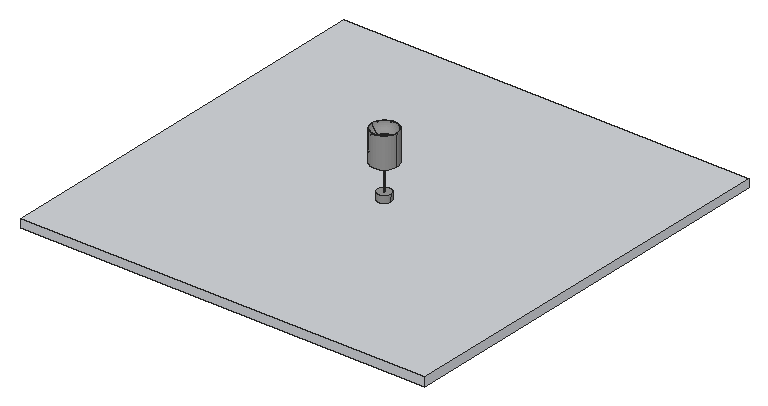
Revit family "LAMP_KOMBIC 150 SURFACE 3000 CRI80 OPAL DALI", category Luminarias, Revit 2018
Family settings
  Anfitrión = Cara
  Cota de conector redondo = Diámetro de uso
  Tipo de pieza = Normal
  Corte con vacíos al cargar = No
  Origen de luz = Sí
  Compartido = No
  Punto de cálculo de habitación = No
Parameters (values of type "2010LM 3000K  M/B")
  Ángulo de inclinación = -90.00°
  Weight = 1.478 kg
  UGR = ""
  Type = "COB PHILIPS"
  Protection rating = "IP40"
  Product datasheet = "http://www.lamp.es/product-files/TECH/K21SF3040OP830DMB-EN.pdf"
  Product code = "K21SF3040OP830DMB"
  Product URL = "https://www.lamp.es/en/family/kombic-surface_474354"
  Power Supply = "220-240V 50/60Hz"
  Power = 17.6 W
  Plum = 19.8 W
  Modelo = Product code  # "K21SF3040OP830DMB"
  Model explanation = "Possibility of chossing between surface or suspended within the model"
  Material reflector = LAMP_PC Reflector Kombic Metalizado Mate
  Material floron = LAMP_Plástico genérico NG
  Material difusor = LAMP_PMMA Difusor Kombic
  Material cuerpo = LAMP_Plástico genérico NG
  Material cable suspension = LAMP_Acero genérico
  Manufacturer name = "LAMP"
  Manufacturer country = "Spain"
  Manufacturer URL = "http://www.lamp.es/en"
  MacAdam = "3"
  Luminaire type = "Suspended"
  Last update = "02/09/2021"
  Lamp = "COB LED"
  LED Lifetime = "50.000 L80 B10"
  Insulation class = "II"
  Installation instructions = "https://www.lamp.es/product-files/packed/by-family/474354_INS_all.zip"
  IEE = "A+"
  Height suspension [instance] = 200 mm
  Height distance [instance] = if(Surface, 0.1 mm, if(Ceiling rose, if(Height suspension > 38 mm, if(Height suspension < 2000 mm, Height suspension, 2000 mm), 38 mm), 37 mm))  # 200 mm
  Wattage = 19.8 W
  built-in parameter 1150107 = 3000 (stored number, unit not read)
  Surface [instance] = no
  built-in parameter 1150110 = 1 (stored number, unit not read)
  built-in parameter 1150109 = 1 (stored number, unit not read)
  built-in parameter 1150112 = 1 (stored number, unit not read)
  built-in parameter 1150113 = 1 (stored number, unit not read)
  built-in parameter 1114218 = 1 (stored number, unit not read)
  built-in parameter 1150137 = (empty or 0)
  built-in parameter 1150132 = 2
  built-in parameter 1150105 = 1989.3 (stored number, unit not read)
  built-in parameter 1150102 = (empty or 0)
  built-in parameter 1150106 = 19.893 (stored number, unit not read)
  Height = 180 mm
  Gear = "Adjustable DALI"
  Lumens = 2009.7 lm
  Finish = "Matte black RAL 9011"
  Color Filter = 16777215
  built-in parameter 1114217 = 1 (stored number, unit not read)
  built-in parameter 1150139 = (empty or 0)
  Fabricante = Manufacturer name  # "LAMP"
  Default Elevation = 1219.2 mm
  built-in parameter 1150104 = 9.4297 (stored number, unit not read)
  Efficacy = 101.5 lm/W
  Diameter = 150 mm
  built-in parameter 1150115 = 1 (stored number, unit not read)
  built-in parameter 1150114 = 1 (stored number, unit not read)
  built-in parameter 1150138 = (empty or 0)
  built-in parameter 1150134 = (empty or 0)
  Ceiling rose [instance] = not(Surface)  # yes
  Dimming Lamp Color Temperature Shift = (empty or 0)
  CRI = "80"
  Archivo de red fotométrica = "K21SF3040OP830NMB.IES"
  built-in parameter 1150133 = 10 (stored number, unit not read)
Types (12, lengths in mm): name | Product datasheet | Product code | Modelo | Material reflector | Material floron | Material cuerpo | Wattage | built-in parameter 1150107 | built-in parameter 1150105 | built-in parameter 1150106 | Lumens | Finish | built-in parameter 1150104 | Efficacy | built-in parameter 1150134 | Archivo de red fotométrica
  2010LM 3000K  M/B | "http://www.lamp.es/product-files/TECH/K21SF3040OP830DMB-EN.pdf" | "K21SF3040OP830DMB" | "K21SF3040OP830DMB" | LAMP_PC Reflector Kombic Metalizado Mate | LAMP_Plástico genérico NG | LAMP_Plástico genérico NG | 19.8 W | 3000 (stored number, unit not read) | 1989.3 (stored number, unit not read) | 19.893 (stored number, unit not read) | 2009.7 lm | "Matte black RAL 9011" | 9.4297 (stored number, unit not read) | 101.5 lm/W | (empty or 0) | "K21SF3040OP830NMB.IES"
  2010LM 3000K  M/W | "http://www.lamp.es/product-files/TECH/K21SF3040OP830DMW-EN.pdf" | "K21SF3040OP830DMW" | "K21SF3040OP830DMW" | LAMP_PC Reflector Kombic Metalizado Mate | LAMP_Plástico genérico BL | LAMP_Plástico genérico BL | 19.8 W | 3000 (stored number, unit not read) | 1989.3 (stored number, unit not read) | 19.893 (stored number, unit not read) | 2009.7 lm | "Matte white RAL 9010" | 9.4297 (stored number, unit not read) | 101.5 lm/W | (empty or 0) | "K21SF3040OP830NMW.IES"
  2074LM 3000K  W/B | "http://www.lamp.es/product-files/TECH/K21SF3040OP830DWB-EN.pdf" | "K21SF3040OP830DWB" | "K21SF3040OP830DWB" | LAMP_PC Reflector Kombic Blanco | LAMP_Plástico genérico NG | LAMP_Plástico genérico NG | 19.8 W | 3000 (stored number, unit not read) | 2052.1 (stored number, unit not read) | 20.521 (stored number, unit not read) | 2073.06 lm | "Matte black RAL 9011" | 9.7269 (stored number, unit not read) | 104.7 lm/W | (empty or 0) | "K21SF3040OP830NWB.IES"
  2074LM 3000K  W/W | "http://www.lamp.es/product-files/TECH/K21SF3040OP830DWW-EN.pdf" | "K21SF3040OP830DWW" | "K21SF3040OP830DWW" | LAMP_PC Reflector Kombic Blanco | LAMP_Plástico genérico BL | LAMP_Plástico genérico BL | 18.9 W | 3000 (stored number, unit not read) | 1958.8 (stored number, unit not read) | 19.588 (stored number, unit not read) | 1978.83 lm | "Matte white RAL 9010" | 9.7269 (stored number, unit not read) | 104.7 lm/W | (empty or 0) | "K21SF3040OP830NWW.IES"
  2094LM 4000K  M/B | "http://www.lamp.es/product-files/TECH/K21SF3040OP840DMB-EN.pdf" | "K21SF3040OP840DMB" | "K21SF3040OP840DMB" | LAMP_PC Reflector Kombic Metalizado Mate | LAMP_Plástico genérico NG | LAMP_Plástico genérico NG | 19.8 W | 4000 (stored number, unit not read) | 2073.6 (stored number, unit not read) | 20.736 (stored number, unit not read) | 2094.84 lm | "Matte black RAL 9011" | 9.8291 (stored number, unit not read) | 105.8 lm/W | 12 | "K21SF3040OP840NMB.IES"
  2094LM 4000K  M/W | "http://www.lamp.es/product-files/TECH/K21SF3040OP840DMW-EN.pdf" | "K21SF3040OP840DMW" | "K21SF3040OP840DMW" | LAMP_PC Reflector Kombic Metalizado Mate | LAMP_Plástico genérico BL | LAMP_Plástico genérico BL | 19.8 W | 4000 (stored number, unit not read) | 2073.6 (stored number, unit not read) | 20.736 (stored number, unit not read) | 2094.84 lm | "Matte white RAL 9010" | 9.8291 (stored number, unit not read) | 105.8 lm/W | 12 | "K21SF3040OP840NMW.IES"
  2096LM 3000K  BR/B | "http://www.lamp.es/product-files/TECH/K21SF3040OP830DRB-EN.pdf" | "K21SF3040OP830DRB" | "K21SF3040OP830DRB" | LAMP_PC Reflector Kombic Metalizado Brillante | LAMP_Plástico genérico NG | LAMP_Plástico genérico NG | 19.8 W | 3000 (stored number, unit not read) | 2075.6 (stored number, unit not read) | 20.756 (stored number, unit not read) | 2096.82 lm | "Matte black RAL 9011" | 9.8384 (stored number, unit not read) | 105.9 lm/W | (empty or 0) | "K21SF3040OP830NRB.IES"
  2096LM 3000K  BR/W | "http://www.lamp.es/product-files/TECH/K21SF3040OP830DRW-EN.pdf" | "K21SF3040OP830DRW" | "K21SF3040OP830DRW" | LAMP_PC Reflector Kombic Metalizado Brillante | LAMP_Plástico genérico BL | LAMP_Plástico genérico BL | 19.8 W | 3000 (stored number, unit not read) | 2075.6 (stored number, unit not read) | 20.756 (stored number, unit not read) | 2096.82 lm | "Matte white RAL 9010" | 9.8384 (stored number, unit not read) | 105.9 lm/W | (empty or 0) | "K21SF3040OP830NRW.IES"
  2161LM 4000K  W/B | "http://www.lamp.es/product-files/TECH/K21SF3040OP840DWB-EN.pdf" | "K21SF3040OP840DWB" | "K21SF3040OP840DWB" | LAMP_PC Reflector Kombic Blanco | LAMP_Plástico genérico NG | LAMP_Plástico genérico NG | 19.8 W | 4000 (stored number, unit not read) | 2138.3 (stored number, unit not read) | 21.383 (stored number, unit not read) | 2160.18 lm | "Matte black RAL 9011" | 10.136 (stored number, unit not read) | 109.1 lm/W | 12 | "K21SF3040OP840NWB.IES"
  2161LM 4000K  W/W | "http://www.lamp.es/product-files/TECH/K21SF3040OP840DWW-EN.pdf" | "K21SF3040OP840DWW" | "K21SF3040OP840DWW" | LAMP_PC Reflector Kombic Blanco | LAMP_Plástico genérico BL | LAMP_Plástico genérico BL | 19.8 W | 4000 (stored number, unit not read) | 2138.3 (stored number, unit not read) | 21.383 (stored number, unit not read) | 2160.18 lm | "Matte white RAL 9010" | 10.136 (stored number, unit not read) | 109.1 lm/W | 12 | "K21SF3040OP840NWW.IES"
  2184LM 4000K  BR/B | "http://www.lamp.es/product-files/TECH/K21SF3040OP840DRB-EN.pdf" | "K21SF3040OP840DRB" | "K21SF3040OP840DRB" | LAMP_PC Reflector Kombic Metalizado Brillante | LAMP_Plástico genérico NG | LAMP_Plástico genérico NG | 19.8 W | 4000 (stored number, unit not read) | 2161.8 (stored number, unit not read) | 21.618 (stored number, unit not read) | 2183.94 lm | "Matte black RAL 9011" | 10.247 (stored number, unit not read) | 110.3 lm/W | 12 | "K21SF3040OP840NRB.IES"
  2184LM 4000K  BR/W | "http://www.lamp.es/product-files/TECH/K21SF3040OP840DRW-EN.pdf" | "K21SF3040OP840DRW" | "K21SF3040OP840DRW" | LAMP_PC Reflector Kombic Metalizado Brillante | LAMP_Plástico genérico BL | LAMP_Plástico genérico BL | 19.8 W | 4000 (stored number, unit not read) | 2161.8 (stored number, unit not read) | 21.618 (stored number, unit not read) | 2183.94 lm | "Matte white RAL 9010" | 10.247 (stored number, unit not read) | 110.3 lm/W | 12 | "K21SF3040OP840NRW.IES"
Reference planes
  plane 1 "Centro (Frontal/Posterior)": y = 0
  plane 2: z = 0
  plane 3 "Centro (Izquierda/Derecha)": x = 0
Forms (mm)
  Extrusion 1, solid
    sketch origin (0, 0, 0) x (1, 0, 0) y (0, 1, 0)
      loop
        line (-1219.2, 1219.2) -> (-1219.2, -1219.2) -> (1219.2, -1219.2) -> (1219.2, 1219.2) -> (-1219.2, 1219.2)
    from 0 to -50
  Extrusion 2, solid, material "LAMP_Plástico genérico NG" <- "Material cuerpo"
    sketch origin (0, 0, 0) x (1, 0, 0) y (0, 1, 0)
      loop
        circle (0, 0) r 77.5
    from 200 to 380
  Extrusion 3, void
    sketch origin (0, 0, 0) x (1, 0, 0) y (0, 1, 0)
      loop
        circle (0, 0) r 76.5
    from 270.588 to 380
  Sweep 4, solid, material "LAMP_PC Reflector Kombic Metalizado Mate" <- "Material reflector"
    path origin (105.103, -251.845, 380) x (1, 0, 0) y (0, 1, 0)
      loop
        circle (-105.103, 251.959) r 48
    profile origin (0, 48.114, 380) x (0, -1, 0) y (0, 0, 1)
      loop
        arc (-28.386, 0) -> (-15.5, -31.664) -> (14.364, -48.3) r 51.542
        line (14.364, -48.3) -> (14.364, -47.3)
        arc (14.364, -47.3) -> (-14.949, -31.098) -> (-27.386, 0) r 49.836
        line (-27.386, 0) -> (-28.386, 0)
  Extrusion 5, solid, material "LAMP_PMMA Difusor Kombic" <- "Material difusor"
    sketch origin (0, 0, 0) x (1, 0, 0) y (0, 1, 0)
      loop
        circle (0, 0) r 33.636
    from 331.7 to 332.7
  Extrusion 6, solid, material "LAMP_Plástico genérico NG" <- "Material floron", visible <- "Ceiling rose"
    sketch origin (0, 0, 0) x (1, 0, 0) y (0, 1, 0)
      loop
        circle (0, 0) r 42
    from 0 to 37
  Extrusion 7, solid, material "LAMP_Acero genérico" <- "Material cable suspension", visible <- "Ceiling rose"
    sketch origin (0, 0, 0) x (1, 0, 0) y (0, 1, 0)
      loop
        circle (0, 0) r 1
    from 37 to 200
Cuts and joins
  Extrusion 3 cuts Extrusion 2
Text (mm)
  text "Any modification of the parameters and properties of the LAMP BIM models must be executed and validated by the LAMP technical department.\nPhone: +34 93 736 68 00\nE-mail: lamp@lamp.es\n\nLAMP reserves the right to modify the technical specifications of its products." at (1856.491, -4316.333, -2622.127), in view "Preview"
Dimensions and locks
  "Height distance": Extrusion 2 to Extrusion 1
  locked: Extrusion 2 to Extrusion 2 at 180
  locked: cut or joined group of Extrusion 2, Extrusion 3 to cut or joined group of Extrusion 2, Extrusion 3 at 109.412
  aligned and locked: plane 2 to Extrusion 1
  aligned and locked: level to Extrusion 1
  aligned and locked: Extrusion 2 to Extrusion 3
  aligned and locked: Extrusion 7 to Extrusion 6
  aligned and locked: Extrusion 7 to cut or joined group of Extrusion 2, Extrusion 3
  aligned and locked: imposter light to cut or joined group of Extrusion 2, Extrusion 3
  aligned and locked: Extrusion 5 to Sweep 4  (x2)
Automatic sketch dimensions
  Extrusion 1 sketch curve to Extrusion 1 sketch curve = 2438.4 mm  (x2)
  plane 1 "Centro (Frontal/Posterior)" to Extrusion 2 sketch curve = 0 mm
  Extrusion 2 sketch curve to plane 3 "Centro (Izquierda/Derecha)" = 0 mm
  plane 1 "Centro (Frontal/Posterior)" to Extrusion 3 sketch curve = 0 mm
  Extrusion 3 sketch curve to plane 3 "Centro (Izquierda/Derecha)" = 0 mm
  plane 1 "Centro (Frontal/Posterior)" to Extrusion 6 sketch curve = 0 mm
  Extrusion 6 sketch curve to plane 3 "Centro (Izquierda/Derecha)" = 0 mm
  plane 1 "Centro (Frontal/Posterior)" to Extrusion 7 sketch curve = 0 mm
  Extrusion 7 sketch curve to plane 3 "Centro (Izquierda/Derecha)" = 0 mm
  Sweep 4 sketch curve to profile plane = 0 mm
  profile plane to Sweep 4 sketch curve = 28.386 mm
  profile plane to Sweep 4 sketch curve = 1.881 mm
  Sweep 4 sketch curve to profile plane = 22.414 mm
  Sweep 4 sketch curve to Sweep 4 sketch curve = 0.681 mm
  Sweep 4 sketch curve to Sweep 4 sketch curve = 1 mm  (x2)
  Sweep 4 sketch curve to profile plane = 14.364 mm
  plane 1 "Centro (Frontal/Posterior)" to Extrusion 5 sketch curve = 0 mm
  Extrusion 5 sketch curve to plane 3 "Centro (Izquierda/Derecha)" = 0 mm
  radius of Extrusion 2 sketch curve = 77.5 mm
  radius of Extrusion 3 sketch curve = 76.5 mm
  radius of Sweep 4 sketch curve = 48 mm
  radius of Extrusion 6 sketch curve = 42 mm
  radius of Extrusion 7 sketch curve = 1 mm
  radius of Extrusion 5 sketch curve = 33.636 mm
Connectors
  electrical at (0, 0, 200)
    settings: on cut or joined group of Extrusion 2, Extrusion 3, index 1, voltage 230 V, apparent load 0 VA, apparent load phase1 0 VA, apparent load phase2 0 VA, apparent load phase3 0 VA, power factor 1, load classification "Otro", number of poles 1, system type 31, power factor state 1, is connector primary yes, connector utility no, sub classification motor no, connector description ""
